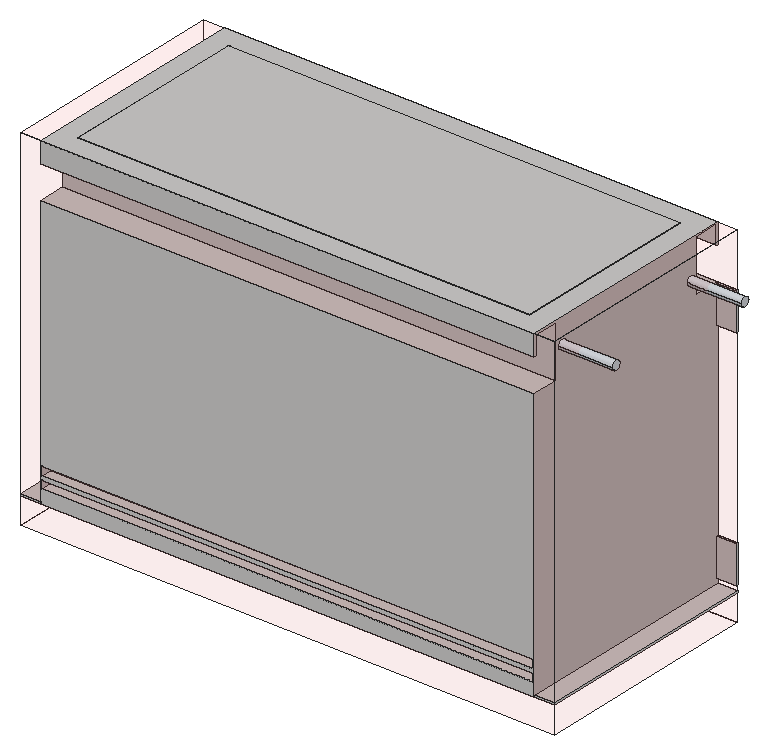
Revit family "Air-Curtain_Customer-Entry_PoweredAire_CHS", category Mechanical Equipment, host Face, Revit 2022
Family settings
  Host = Face
  Round Connector Dimension = Use Diameter
  Part Type = Normal
  OmniClass Number = 23.75.35.17.21
  OmniClass Title = Air Curtains
  Cut with Voids When Loaded = No
  Maintain Annotation Orientation = No
  Shared = No
  Room Calculation Point = No
Parameters
  upperrotation [instance] = if(Upper Pipe Connection Side A, 0.00°, 180.00°)  # 0.00°
  lowerrotation [instance] = if(Lower Pipe Connection Side A, 0.00°, 180.00°)  # 0.00°
  locateupperpipe [instance] = if(Upper Pipe Connection Side A, 0' 0", Nozzle Width)  # 0' - 0"
  locatelowerpipe [instance] = if(Lower Pipe Connection Side A, 0' 0", Nozzle Width)  # 0' - 0"
  Warranty Duration (Years) = 0
  Upper Pipe Connection Side A [instance] = yes
  Unit Width Notes = "Other Widths available."  # constant formula
  Unit Width = 3' - 3"
  Unit Weight = 0
  Unit Height = 1' - 4 3/4"
  Unit Depth [instance] = if(Include Filters, 2' 1 7/8", 1' 11 3/4")  # 1' - 11 3/4"
  URL = "http://www.poweredaire.com/"
  Test Data = ""
  Temperature Rise_Range = "as Specified"
  Standards Conformance = "as Specified"
  Specification = "http://www.arcat.com/sdspecs/htm04/23_34_33pai.htm"
  SpecWizard = ""
  Sound Pressure = "as Specified"
  Sales Information = "http://www.poweredaire.com/contact_us"
  Revision = "R1_2016-08"
  Projection from Host [instance] = 0' - 2"
  Product Properties = ""
  Product Data = "http://www.arcat.com/arcatcos/cos47/arc47623.html"
  Power Rating = 0 W
  Piping_Water Flow [instance] = 0 GPM
  Piping_Operating Pressure [instance] = 0.00 psi
  Piping_Exit Temperature [instance] = 0 °F
  Piping_Entry Temperature [instance] = 0 °F
  Pipe OD [instance] = 5/8"
  Outlet Volume_Range = "as Specified"
  Outlet Velocity_Range = "as Specified"
  Nozzle Width = if(1 = 1, Unit Width - 0' 3", 0' 0")  # 3' - 0"
  Mounting Width = if(1 = 1, Unit Width - 0' 1 1/2", 0' 0")  # 3' - 1 1/2"
  Mounting Height [instance] = 3' - 6"
  Motor RPM = 0
  Motor HP = 0
  Motor Count = 0
  Model = "As Specified"
  Max Height = 0' - 0"
  Manufacturer Website = "http://www.poweredaire.com/"
  Manufacturer Phone - Toll Free = "888-321-2473"
  Manufacturer Phone = "724-588-3305"
  Manufacturer Fax = "724-588-3371"
  Manufacturer Address = "109 Mortensen Rd.  Greenville, PA 16125"
  Manufacturer = "Powered Aire, Inc"
  Maintenance Schedule (Months) = 0
  Lower Pipe Connection Side A [instance] = yes
  Keynote = "23 34 33"
  Installation-Fabrication = ""
  Installation Phase = ""
  Include Filters [instance] = no
  Include Clearance [instance] = yes
  Heating Element Load = 0 W
  HVAC_Temperature Rise [instance] = 0 °F
  HVAC_Outlet Volume [instance] = 0 CFM
  HVAC_Outlet Velocity Uniformity = 0
  HVAC_Outlet Velocity [instance] = 0 FPM
  HVAC_BTU Input = 0.0 Btu/h
  Green Building-LEED = "http://www.arcat.com/green/clients/leed_data_47623.html"
  Front Grating Material [instance] = Metal - Steel - PoweredAire - Stainless 304 Perforated
  Frame Finish [instance] = Metal - Steel - PoweredAire - Stainless 304
  Expected Lifespan (Years) = 0
  Electrical_Wattage [instance] = Power Rating + Heating Element Load  # 0 W
  Electrical_Voltage [instance] = 0 V
  Electrical_Phase [instance] = 1
  Electrical_Frequency [instance] = 0 Hz
  Electrical_Amperage [instance] = 0 A
  Drawn By = "Sumex Design, Inc. / Robert S. Weygant, CSI, CDT, SCIP"
  Description = "Powered Aire Air Curtain as Specified"
  Default Elevation = 0' - 0"  # constant formula
  Copyright = "©Arcat Inc."
  Construction Details = "http://www.arcat.com/details/powair/prod3336.html"
  Clearance_Top [instance] = 0' - 0"
  Clearance_Side B [instance] = 0' - 0"
  Clearance_Side A [instance] = 0' - 0"
  Clearance_Intake [instance] = 0' - 0"
  Clearance_Bottom [instance] = 0' - 0"
  Clearance Material [instance] = ARCAT Clearance
  Building Codes = ""
  Available Options [instance] = "as Specified"
  Assembly Code = "D3090400"
Reference planes (in)
  plane 1 "Center (Elevation)": y = 0.13818
  plane 2: z = 0
  plane 3 "Center (Left/Right)": x = 0
  plane 4: y = 8.51318
  plane 5: y = -8.23682
  plane 6: x = -19.5
  plane 7: x = 19.5
  plane 8: z = 25.75
  plane 9 "FF": y = -41.86182
  plane 10: z = 2
  plane 11: x = 18
  plane 12: x = -18
  plane 13: y = 8.51318
  plane 14: y = -8.23682
  plane 15: x = -19.5
  plane 16: x = 19.5
  plane 17: z = 25.75
  plane 18: x = 17.9375
  plane 19: x = -17.9375
  plane 20: x = 18
  plane 21: x = 18
  plane 22: y = 6.01318
  plane 23: y = -5.73682
Forms (in)
  Extrusion 1, solid, material "Metal - Steel - PoweredAire - Stainless 304" <- "Frame Finish"
    sketch origin (0, 0, 0) x (0, 1, 0) y (0, 0, 1)
      loop
        line (-8.23682, 2) -> (8.51318, 2) -> (8.51318, 21.8125) -> (6.51318, 21.8125) -> (6.51318, 25.625) -> (8.38818, 25.625) -> (8.38818, 24.25) -> (8.51318, 24.25) -> (8.51318, 25.75) -> (-8.23682, 25.75) -> (-8.23682, 24.25) -> (-8.11182, 24.25) -> (-8.11182, 25.625) -> (-6.23682, 25.625) -> (-6.23682, 21.8125) -> (-8.23682, 21.8125) -> (-8.23682, 2)
    from -18 to 18
  Extrusion 2, solid, material "ARCAT Clearance" <- "Clearance Material", visible <- "Include Clearance"
    sketch origin (0, 0, 0) x (0, 1, 0) y (0, 0, 1)
      loop
        line (-8.23682, 25.75) -> (-8.23682, 0) -> (8.51318, 0) -> (8.51318, 25.75) -> (-8.23682, 25.75)
    from -19.5 to 19.5
  Extrusion 3, solid, material "Metal - Steel - PoweredAire - Stainless 304" <- "Frame Finish"
    sketch origin (-15.17702, -180, 2) x (-1, 0, 0) y (0, -1, 0)
      loop
        line (-33.17702, -188.51318) -> (-33.17702, -171.76318) -> (-34.67702, -171.76318) -> (-34.67702, -188.51318) -> (-33.17702, -188.51318)
      loop
        line (2.82298, -188.51318) -> (4.32298, -188.51318) -> (4.32298, -171.76318) -> (2.82298, -171.76318) -> (2.82298, -188.51318)
    from 0 to 0.125
  Extrusion 4, solid, material "Metal - Steel - PoweredAire - Stainless 304" <- "Frame Finish"
    sketch origin (-11.83813, 8.51318, 48) x (-1, 0, 0) y (0, 0, 1)
      loop
        line (-29.83813, -45.5) -> (-29.83813, -42.75) -> (-31.33813, -42.75) -> (-31.33813, -45.5) -> (-29.83813, -45.5)
      loop
        line (-29.83813, -28.9375) -> (-29.83813, -26.1875) -> (-31.33813, -26.1875) -> (-31.33813, -28.9375) -> (-29.83813, -28.9375)
      loop
        line (6.16187, -45.5) -> (7.66187, -45.5) -> (7.66187, -42.75) -> (6.16187, -42.75) -> (6.16187, -45.5)
      loop
        line (6.16187, -28.9375) -> (7.66187, -28.9375) -> (7.66187, -26.1875) -> (6.16187, -26.1875) -> (6.16187, -28.9375)
    from 0 to -0.125
  Extrusion 5, void
    sketch origin (0, 0, 0) x (0, 1, 0) y (0, 0, 1)
      loop
        line (-8.23682, 3) -> (-7.23682, 3) -> (-7.23682, 4.5) -> (-8.23682, 4.5) -> (-8.23682, 3.82425) -> (-7.38364, 3.82425) -> (-7.38364, 3.57425) -> (-8.23682, 3.57425) -> (-8.23682, 3)
    from -17.9375 to 17.9375
  Extrusion 6, solid, material "Metal - Steel - PoweredAire - Stainless 304 Perforated" <- "Front Grating Material"
    sketch origin (0, -8.23682, 25.75) x (0, 1, 0) y (-1, 0, 0)
      loop
        line (15.25, 16.5) -> (1.5, 16.5) -> (1.5, -16.5) -> (15.25, -16.5) -> (15.25, 16.5)
    from 0 to 0.03125
  Sweep 7, solid
    path origin (18, 6.01318, 0) x (1, 0, 0) y (0, 1, 0)
      loop
        line (0, 0) -> (4, 0)
    profile origin (20, 6.01318, 0) x (0, 1, 0) y (0, 0, 1)
      loop
        circle (0, 23) r 0.3125
  Sweep 8, solid
    path origin (18, -5.73682, 0) x (1, 0, 0) y (0, 1, 0)
      loop
        line (0, 0) -> (4, 0)
    profile origin (20, -5.73682, 0) x (0, 1, 0) y (0, 0, 1)
      loop
        circle (0, 24) r 0.3125
Cuts and joins
  Extrusion 5 cuts Extrusion 1
Lines and regions (in)
  reference lines
    curve 1: line (18, 6.01318, 0) -> (22.75, 6.01318, 0)
    curve 2: line (18, -5.73682, 0) -> (23.75, -5.73682, 0)
Dimensions and locks (in)
  equal spacing: plane 4, plane 1 "Center (Elevation)", plane 5
  "Unit Height": plane 4 to plane 5
  equal spacing: plane 6, plane 3 "Center (Left/Right)", plane 7
  "Unit Width": plane 6 to plane 7
  "Mounting Height": plane 1 "Center (Elevation)" to plane 9 "FF"
  "Projection from Host": plane 10 to level
  "Unit Depth": plane 8 to plane 10
  locked: plane 6 to plane 12 at 1.5
  locked: plane 11 to plane 7 at 1.5
  "Clearance_Side A": plane 7 to plane 16
  "Clearance_Side B": plane 15 to plane 6
  "Clearance_Top": plane 13 to plane 4
  "Clearance_Bottom": plane 5 to plane 14
  "Clearance_Intake": plane 17 to plane 8
  plane 5 to Extrusion 1 sketch curve to Extrusion 1 sketch curve = 0' - 0 1/8" locked, 0' - 1 7/8" locked
  Extrusion 1 sketch curve to Extrusion 1 sketch curve to plane 4 = 0' - 1 7/8" locked, 0' - 0 1/8" locked
  Extrusion 4 sketch curve to Extrusion 4 sketch curve to Extrusion 4 sketch curve to Extrusion 4 sketch curve to plane 10 = 0' - 2 3/4" locked, 1' - 1 13/16" locked, 0' - 2 3/4" locked, 0' - 0 1/2" locked
  Extrusion 4 sketch curve to Extrusion 4 sketch curve to Extrusion 4 sketch curve to Extrusion 4 sketch curve = 0' - 2 3/4" locked, 1' - 1 13/16" locked, 0' - 2 3/4" locked
  locked: Extrusion 4 sketch curve to plane 10 at 0.5
  plane 8 to Extrusion 1 sketch curve to Extrusion 1 sketch curve = 0' - 0 1/8" locked, 0' - 1 3/8" locked  (x2)
  locked: Extrusion 1 sketch curve to plane 10 at 19.8125  (x2)
  Extrusion 5 sketch curve to Extrusion 5 sketch curve to Extrusion 5 sketch curve to Extrusion 5 sketch curve to plane 10 = 0' - 0.67575" locked, 0' - 0 1/4" locked, 0' - 0.57425" locked, 0' - 1" locked
  plane 5 to Extrusion 5 sketch curve to Extrusion 5 sketch curve = 0' - 0.85319" locked, 0' - 0.14681" locked
  locked: plane 19 to plane 12 at 0.0625
  locked: plane 11 to plane 18 at 0.0625
  locked: plane 4 to Extrusion 6 sketch curve at 1.5
  locked: Extrusion 6 sketch curve to plane 5 at 1.5
  locked: Extrusion 6 sketch curve to plane 11 at 1.5
  locked: plane 12 to Extrusion 6 sketch curve at 1.5
  "locateupperpipe": plane 20 to plane 11
  "locatelowerpipe": plane 21 to plane 11
  locked: plane 4 to plane 22 at 2.5
  locked: plane 23 to plane 5 at 2.5
  locked: curve 1 to Sweep 7 sketch curve at 4
  locked: curve 1 to Sweep 7 sketch curve
  locked: Sweep 7 sketch curve to plane 10 at 21
  locked: curve 2 to Sweep 8 sketch curve at 4
  locked: curve 2 to Sweep 8 sketch curve
  locked: Sweep 8 sketch curve to plane 10 at 22
  "upperrotation": angle plane 22 to curve 1
  "lowerrotation": angle plane 23 to curve 2
  aligned and locked: plane 2 to host face
  aligned and locked: level to host face
  aligned and locked: Extrusion 2 sketch curve to plane 17
  aligned and locked: plane 14 to Extrusion 2 sketch curve
  aligned and locked: level to Extrusion 2 sketch curve
  aligned and locked: Extrusion 2 sketch curve to plane 13
  aligned and locked: plane 16 to Extrusion 2
  aligned and locked: Extrusion 2 to plane 15
  aligned and locked: plane 11 to Extrusion 1
  aligned and locked: Extrusion 1 to plane 12
  aligned and locked: plane 21 to curve 2
  aligned and locked: plane 23 to curve 2
  aligned and locked: plane 22 to curve 1
  aligned and locked: plane 20 to curve 1
Automatic sketch dimensions
  host sketch curve to host sketch curve = 8' - 0"  (x2)
  Extrusion 1 sketch curve to plane 5 = 0' - 0"  (x2)
  Extrusion 1 sketch curve to plane 4 = 0' - 0"  (x2)
  Extrusion 1 sketch curve to plane 10 = 0' - 0"
  Extrusion 1 sketch curve to plane 8 = 0' - 0"
  plane 4 to Extrusion 3 sketch curve = 0' - 0"
  Extrusion 3 sketch curve to plane 7 = 0' - 0"
  plane 5 to Extrusion 3 sketch curve = 0' - 0"
  Extrusion 3 sketch curve to plane 11 = 0' - 0"
  Extrusion 3 sketch curve to plane 4 = 0' - 0"
  Extrusion 3 sketch curve to plane 12 = 0' - 0"
  Extrusion 3 sketch curve to plane 6 = 0' - 0"
  Extrusion 3 sketch curve to plane 5 = 0' - 0"
  Extrusion 4 sketch curve to plane 7 = 0' - 0"  (x2)
  Extrusion 4 sketch curve to plane 11 = 0' - 0"  (x2)
  Extrusion 4 sketch curve to plane 12 = 0' - 0"  (x2)
  Extrusion 4 sketch curve to plane 6 = 0' - 0"  (x2)
  Extrusion 5 sketch curve to plane 5 = 0' - 0"  (x2)
  Sweep 7 sketch curve to profile plane = 0' - 0"
  Sweep 8 sketch curve to profile plane = 0' - 0"
  radius of Sweep 7 sketch curve = 0' - 0 5/16"
  radius of Sweep 8 sketch curve = 0' - 0 5/16"
Connectors (in)
  piping at (22, 6.01318, 23), diameter 0.625, driven by "Pipe OD", driven by "Piping_Water Flow"
    settings: on Sweep 7, index 1, connector inside diameter 24", connector length 0' - 0", flow factor 0, pipe flow 0 GPM, pressure drop 0.00 psi, fitting loss kfactor 0, connector angle 0.00°, fixture units 0, engagement length 0' - 0", angle of deflection 0.00°, flow configuration 0, flow direction 0, fitting loss method 0, system type 29, joint type 0, gender type 0, connector reference index -1, connector utility 0, adjustable connector no, is connector primary yes, connector description "Define Supply or Return and Location"
  piping at (22, -5.73682, 24), diameter 0.625, driven by "Pipe OD", driven by "Piping_Water Flow"
    settings: on Sweep 8, index 2, connector inside diameter 24", connector length 0' - 0", flow factor 0, pipe flow 0 GPM, pressure drop 0.00 psi, fitting loss kfactor 0, connector angle 0.00°, fixture units 0, engagement length 0' - 0", angle of deflection 0.00°, flow configuration 0, flow direction 0, fitting loss method 0, system type 29, joint type 0, gender type 0, connector reference index -1, connector utility 0, adjustable connector no, is connector primary no, connector description "Define Supply or Return and Location"
  electrical at (-18, 0.13818, 21.39062), driven by "Electrical_Voltage", driven by "Electrical_Phase"
    settings: on cut or joined group of Extrusion 1, Extrusion 5, index 3, voltage 0 V, apparent load 0 VA, apparent load phase1 0 VA, apparent load phase2 0 VA, apparent load phase3 0 VA, power factor 1, load classification "Motor", number of poles 1, system type 31, power factor state 1, is connector primary yes, connector utility no, sub classification motor no, connector description ""
